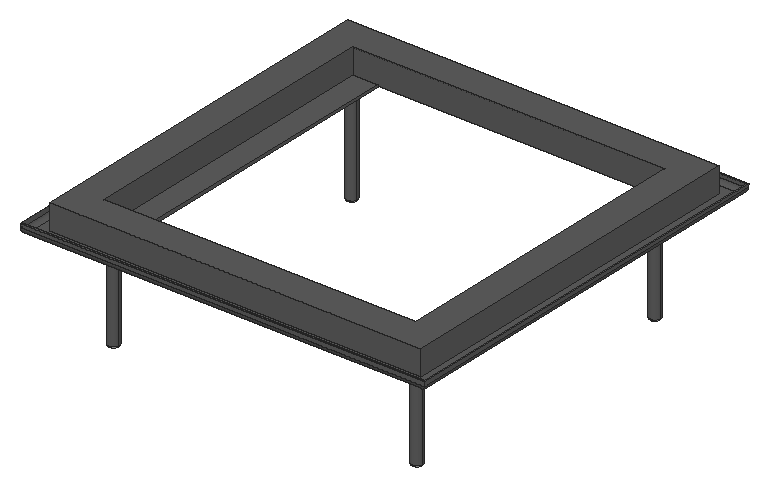
Revit family "FU_Modular_Sandler_Escala_Frames", category Furniture, Revit 2020
Family settings
  OmniClass Number = 23.40.20.00
  OmniClass Title = General Furniture and Specialties
  Work Plane-Based = No
  Always vertical = Yes
  Cut with Voids When Loaded = No
  Shared = No
  Room Calculation Point = No
Parameters (values of type "ESCALAS 0010")
  Width = 800 mm
  URL = "https://www.sandlerseating.com/product/esc0010/"
  Model = "ESCALAS 0010"
  Manufacturer = "Sandler"
  IsVisible = no
  Height = 260 mm
  Frame Finish [instance] = M1_B00 - Black
  Description = "Epoxy coated frame for Sofa – 80x80cm"
  Depth = 800 mm
  Default Elevation = 0 mm
Types (8, lengths in mm): name | Width | URL | Model | IsVisible | Description
  ESCALAS 0025 | 2000 | "https://www.sandlerseating.com/product/esc0025/" | "ESCALAS 0025" | no | "Epoxy coated frame for Sofa – 200x80cm"
  ESCALAS 0020 | 1600 | "https://www.sandlerseating.com/product/esc0020/" | "ESCALAS 0020" | no | "Epoxy coated frame for Sofa – 160x80cm"
  ESCALAS 0010 | 800 | "https://www.sandlerseating.com/product/esc0010/" | "ESCALAS 0010" | no | "Epoxy coated frame for Sofa – 80x80cm"
  ESCALAS 0015 | 1200 | "https://www.sandlerseating.com/product/esc0015/" | "ESCALAS 0015" | no | "Epoxy coated frame for Sofa – 120x80cm"
  ESCALAS 0030 | 2400 | "https://www.sandlerseating.com/product/esc0030/" | "ESCALAS 0030" | no | "Epoxy coated frame for Sofa – 240x80cm"
  ESCALAS 0035 | 2800 | "https://www.sandlerseating.com/product/esc0035/" | "ESCALAS 0035" | no | "Epoxy coated frame for Sofa – 280x80cm"
  ESCALAS 0040 | 3200 | "https://www.sandlerseating.com/product/esc0040/" | "ESCALAS 0040" | yes | "Epoxy coated frame for Sofa – 320x80cm"
  ESCALAS 0045 | 3600 | "https://www.sandlerseating.com/product/esc0045/" | "ESCALAS 0045" | yes | "Epoxy coated frame for Sofa – 360x80cm"
Reference planes
  plane 1 "Center (Front/Back)": y = 0
  plane 2: z = 0
  plane 3 "Center (Left/Right)": x = 0
  plane 4: z = 260
  plane 5 "Right": x = -400
  plane 6 "Left": x = 400
  plane 7 "Front": y = -400
  plane 8 "Back": y = 400
  plane 9 "Center Front Right Leg": x = -300
  plane 10 "Center Front Left Leg": x = 300
  plane 11 "Center Right Back Leg": y = 294
  plane 12 "Center Right Front Leg": y = -294
  plane 13 "Leg Base": z = 3
  plane 14 "Frame Base": z = 210
  plane 15 "cross support base": z = 204
  plane 16 "Cross Support Outer Right": x = -340
  plane 17 "Cross Support Inner Right": x = -260
  plane 18 "Cross Support Outer Left": x = 340
  plane 19 "Cross Support Inner Left": x = 260
  plane 20 "Main Frame Outer Right": x = -367.5
  plane 21 "Main Frame Inner Right": x = -308
  plane 22 "Main Frame Outer Back": y = 368
  plane 23 "Main Frame Inner Back": y = 308
  plane 24 "Main Frame Outer Front": y = -368
  plane 25 "Main Frame Inner front": y = -308
  plane 26 "Main Frame Outer left": x = 367.5
  plane 27 "Main Frame Inner Left": x = 308
Forms (mm)
  Extrusion 1, solid, material "M1_B00 - Black" <- "Frame Finish"
    sketch origin (0, 0, 204) x (0, -1, 0) y (1, 0, 0)
      loop
        line (352.536, -340) -> (352.536, -260) -> (-351, -260) -> (-351, -340) -> (352.536, -340)
    from 0 to 6
  Extrusion 2, solid, material "M1_B00 - Black" <- "Frame Finish"
    sketch origin (0, 0, 204) x (0, -1, 0) y (1, 0, 0)
      loop
        line (352.536, 340) -> (-351, 340) -> (-351, 260) -> (352.536, 260) -> (352.536, 340)
    from 0 to 6
  Extrusion 3, solid, material "M1_B00 - Black" <- "Frame Finish"
    sketch origin (0, 0, 210) x (-1, 0, 0) y (0, -1, 0)
      loop
        line (367.5, -368) -> (367.5, 368) -> (-367.5, 368) -> (-367.5, -368) -> (367.5, -368)
      loop
        line (308, -308) -> (308, 308) -> (-308, 308) -> (-308, -308) -> (308, -308)
    from 0 to 50
  Sweep 4, solid, material "M1_B00 - Black" <- "Frame Finish"
    path in 3D
      loop
        line (-367.5, -368, 210) -> (-367.5, 368, 210) -> (367.5, 368, 210) -> (367.5, -368, 210) -> (-367.5, -368, 210)
    profile "Pro_Escalas_Frame Lip : Pro_Escalas_Frame Lip" origin (0, -368, 210) x (0, 1, 0) y (0, 0, -1)
      loop
        line (-32.005, -16) -> (-30.026, -16) -> (-30.026, -8.524)
        arc (-30.026, -8.524) -> (-27.53, -2.497) -> (-21.503, 0) r 8.524
        line (-21.503, 0) -> (59.977, 0) -> (59.977, 1.97) -> (-22.005, 1.97)
        arc (-22.005, 1.97) -> (-29.076, -0.959) -> (-32.005, -8.03) r 10
        line (-32.005, -8.03) -> (-32.005, -16)
  Extrusion 5, solid, material "M1_B00 - Black" <- "Frame Finish"
    sketch origin (0, 0, 3) x (-1, 0, 0) y (0, -1, 0)
      loop
        circle (300, 294) r 11
    from 0 to 207
  Extrusion 6, solid, material "M1_B00 - Black" <- "Frame Finish"
    sketch origin (0, 0, 3) x (1, 0, 0) y (0, 1, 0)
      loop
        circle (300, -294) r 11
    from 0 to 207
  Extrusion 7, solid, material "M1_B00 - Black" <- "Frame Finish"
    sketch origin (0, 0, 3) x (1, 0, 0) y (0, 1, 0)
      loop
        circle (300, 294) r 11
    from 0 to 207
  Extrusion 8, solid, material "M1_B00 - Black" <- "Frame Finish"
    sketch origin (0, 0, 3) x (-1, 0, 0) y (0, -1, 0)
      loop
        circle (300, -294) r 11
    from 0 to 207
  Extrusion 9, solid, material "Rubber, Black"
    sketch origin (0, 0, 0) x (1, 0, 0) y (0, 1, 0)
      loop
        circle (300, 294) r 9.5
    from 0 to 6
  Extrusion 10, solid, material "Rubber, Black"
    sketch origin (0, 0, 0) x (1, 0, 0) y (0, 1, 0)
      loop
        circle (300, -294) r 9.5
    from 0 to 6
  Extrusion 11, solid, material "Rubber, Black"
    sketch origin (0, 0, 0) x (-1, 0, 0) y (0, -1, 0)
      loop
        circle (300, 294) r 9.5
    from 0 to 6
  Extrusion 12, solid, material "Rubber, Black"
    sketch origin (0, 0, 0) x (-1, 0, 0) y (0, -1, 0)
      loop
        circle (300, -294) r 9.5
    from 0 to 6
  Extrusion 13, solid, material "M1_B00 - Black" <- "Frame Finish", visible <- "IsVisible"
    sketch origin (900, 0, 204) x (0, -1, 0) y (1, 0, 0)
      loop
        line (352.536, -940) -> (352.536, -860) -> (-351, -860) -> (-351, -940) -> (352.536, -940)
    from 0 to 6
  Extrusion 14, solid, material "M1_B00 - Black" <- "Frame Finish", visible <- "IsVisible"
    sketch origin (900, 0, 3) x (-1, 0, 0) y (0, -1, 0)
      loop
        circle (900, 294) r 11
    from 0 to 207
  Extrusion 15, solid, material "M1_B00 - Black" <- "Frame Finish", visible <- "IsVisible"
    sketch origin (900, 0, 3) x (-1, 0, 0) y (0, -1, 0)
      loop
        circle (900, -294) r 11
    from 0 to 207
  Extrusion 16, solid, material "Rubber, Black", visible <- "IsVisible"
    sketch origin (900, 0, 0) x (-1, 0, 0) y (0, -1, 0)
      loop
        circle (900, 294) r 9.5
    from 0 to 6
  Extrusion 17, solid, material "Rubber, Black", visible <- "IsVisible"
    sketch origin (900, 0, 0) x (-1, 0, 0) y (0, -1, 0)
      loop
        circle (900, -294) r 9.5
    from 0 to 6
  Extrusion 18, solid, material "M1_B00 - Black" <- "Frame Finish", not visible
    sketch origin (900, 0, 204) x (0, -1, 0) y (1, 0, 0)
      loop
        line (352.536, -940) -> (352.536, -860) -> (-351, -860) -> (-351, -940) -> (352.536, -940)
    from 0 to 6
  Extrusion 19, solid, material "M1_B00 - Black" <- "Frame Finish", not visible
    sketch origin (900, 0, 3) x (-1, 0, 0) y (0, -1, 0)
      loop
        circle (900, 294) r 11
    from 0 to 207
  Extrusion 20, solid, material "M1_B00 - Black" <- "Frame Finish", not visible
    sketch origin (900, 0, 3) x (-1, 0, 0) y (0, -1, 0)
      loop
        circle (900, -294) r 11
    from 0 to 207
  Extrusion 21, solid, material "Rubber, Black", not visible
    sketch origin (900, 0, 0) x (-1, 0, 0) y (0, -1, 0)
      loop
        circle (900, 294) r 9.5
    from 0 to 6
  Extrusion 22, solid, material "Rubber, Black", not visible
    sketch origin (900, 0, 0) x (-1, 0, 0) y (0, -1, 0)
      loop
        circle (900, -294) r 9.5
    from 0 to 6
Cuts and joins
  joined: Extrusion 1, Extrusion 2, Extrusion 3, Sweep 4, Extrusion 5, Extrusion 6, Extrusion 7, Extrusion 8
  joined: Extrusion 13, Extrusion 14, Extrusion 15
Lines and regions (mm)
  sketch lines
    curve 1: line (367.5, -368, 210) -> (-367.5, -368, 210)
    curve 2: line (367.5, 368, 210) -> (367.5, -368, 210)
    curve 3: line (-367.5, 368, 210) -> (367.5, 368, 210)
    curve 4: line (-367.5, -368, 210) -> (-367.5, 368, 210)
Dimensions and locks
  "Height": plane 4 to plane 2
  equal spacing: plane 8 "Back", plane 1 "Center (Front/Back)", plane 7 "Front"
  "Depth": plane 8 "Back" to plane 7 "Front"
  equal spacing: plane 5 "Right", plane 3 "Center (Left/Right)", plane 6 "Left"
  "Width": plane 5 "Right" to plane 6 "Left"
  equal spacing: plane 10 "Center Front Left Leg", plane 3 "Center (Left/Right)", plane 9 "Center Front Right Leg"
  equal spacing: plane 12 "Center Right Front Leg", plane 1 "Center (Front/Back)", plane 11 "Center Right Back Leg"
  plane 5 "Right" to plane 20 "Main Frame Outer Right" to plane 21 "Main Frame Inner Right" = 32.5 mm locked, 59.5 mm locked
  plane 8 "Back" to plane 22 "Main Frame Outer Back" to plane 23 "Main Frame Inner Back" = 32 mm locked, 60 mm locked
  plane 5 "Right" to plane 16 "Cross Support Outer Right" to plane 17 "Cross Support Inner Right" = 60 mm locked, 80 mm locked
  locked: plane 8 "Back" to plane 11 "Center Right Back Leg" at 106
  locked: plane 5 "Right" to plane 9 "Center Front Right Leg" at 100
  plane 27 "Main Frame Inner Left" to plane 26 "Main Frame Outer left" to plane 6 "Left" = 59.5 mm locked, 32.5 mm locked
  plane 25 "Main Frame Inner front" to plane 24 "Main Frame Outer Front" to plane 7 "Front" = 60 mm locked, 32 mm locked
  plane 19 "Cross Support Inner Left" to plane 18 "Cross Support Outer Left" to plane 6 "Left" = 80 mm locked, 60 mm locked
  plane 12 "Center Right Front Leg" to plane 7 "Front" = 106 mm
  plane 10 "Center Front Left Leg" to plane 6 "Left" = 100 mm
  aligned and locked: level to plane 2
  aligned and locked: plane 16 "Cross Support Outer Right" to Extrusion 1 sketch curve
  aligned and locked: Extrusion 1 sketch curve to plane 17 "Cross Support Inner Right"
  aligned and locked: plane 22 "Main Frame Outer Back" to Extrusion 3 sketch curve
  aligned and locked: Extrusion 3 sketch curve to plane 20 "Main Frame Outer Right"
  aligned and locked: plane 24 "Main Frame Outer Front" to Extrusion 3 sketch curve
  aligned and locked: Extrusion 3 sketch curve to plane 26 "Main Frame Outer left"
  aligned and locked: plane 23 "Main Frame Inner Back" to Extrusion 3 sketch curve
  aligned and locked: Extrusion 3 sketch curve to plane 21 "Main Frame Inner Right"
  aligned and locked: plane 25 "Main Frame Inner front" to Extrusion 3 sketch curve
  aligned and locked: Extrusion 3 sketch curve to plane 27 "Main Frame Inner Left"
  aligned and locked: plane 15 "cross support base" to Extrusion 1
  aligned and locked: plane 14 "Frame Base" to Extrusion 1
  aligned and locked: plane 15 "cross support base" to Extrusion 2
  aligned and locked: plane 14 "Frame Base" to Extrusion 2
  aligned and locked: Extrusion 3 to plane 14 "Frame Base"
  aligned and locked: plane 4 to Extrusion 3
  aligned and locked: Extrusion 5 to plane 13 "Leg Base"
  aligned and locked: plane 14 "Frame Base" to Extrusion 5
  aligned and locked: Extrusion 9 to level
Automatic sketch dimensions
  plane 22 "Main Frame Outer Back" to Extrusion 1 sketch curve = 17 mm
  plane 24 "Main Frame Outer Front" to Extrusion 1 sketch curve = 15.464 mm
  Extrusion 2 sketch curve to plane 18 "Cross Support Outer Left" = 0 mm
  Extrusion 2 sketch curve to plane 19 "Cross Support Inner Left" = 0 mm
  Extrusion 2 sketch curve to plane 22 "Main Frame Outer Back" = 17 mm
  Extrusion 2 sketch curve to plane 24 "Main Frame Outer Front" = 15.464 mm
  Extrusion 5 sketch curve to plane 9 "Center Front Right Leg" = 0 mm
  plane 12 "Center Right Front Leg" to Extrusion 5 sketch curve = 0 mm
  Extrusion 6 sketch curve to plane 10 "Center Front Left Leg" = 0 mm
  plane 12 "Center Right Front Leg" to Extrusion 6 sketch curve = 0 mm
  Extrusion 7 sketch curve to plane 10 "Center Front Left Leg" = 0 mm
  Extrusion 7 sketch curve to plane 11 "Center Right Back Leg" = 0 mm
  Extrusion 8 sketch curve to plane 9 "Center Front Right Leg" = 0 mm
  Extrusion 8 sketch curve to plane 11 "Center Right Back Leg" = 0 mm
  Extrusion 9 sketch curve to plane 10 "Center Front Left Leg" = 0 mm
  Extrusion 9 sketch curve to plane 11 "Center Right Back Leg" = 0 mm
  Extrusion 10 sketch curve to plane 10 "Center Front Left Leg" = 0 mm
  plane 12 "Center Right Front Leg" to Extrusion 10 sketch curve = 0 mm
  Extrusion 11 sketch curve to plane 9 "Center Front Right Leg" = 0 mm
  plane 12 "Center Right Front Leg" to Extrusion 11 sketch curve = 0 mm
  Extrusion 12 sketch curve to plane 9 "Center Front Right Leg" = 0 mm
  Extrusion 12 sketch curve to plane 11 "Center Right Back Leg" = 0 mm
  Extrusion 13 sketch curve to Extrusion 13 sketch curve = 703.536 mm
  Extrusion 13 sketch curve to Extrusion 13 sketch curve = 80 mm
  Extrusion 18 sketch curve to Extrusion 18 sketch curve = 703.536 mm
  Extrusion 18 sketch curve to Extrusion 18 sketch curve = 80 mm
  plane 22 "Main Frame Outer Back" to Extrusion 13 sketch curve = 17 mm
  Extrusion 13 sketch curve to plane 3 "Center (Left/Right)" = 40 mm
  Extrusion 14 sketch curve to plane 3 "Center (Left/Right)" = 0 mm
  plane 12 "Center Right Front Leg" to Extrusion 14 sketch curve = 0 mm
  Extrusion 15 sketch curve to plane 3 "Center (Left/Right)" = 0 mm
  Extrusion 15 sketch curve to plane 11 "Center Right Back Leg" = 0 mm
  Extrusion 16 sketch curve to plane 3 "Center (Left/Right)" = 0 mm
  plane 12 "Center Right Front Leg" to Extrusion 16 sketch curve = 0 mm
  Extrusion 17 sketch curve to plane 3 "Center (Left/Right)" = 0 mm
  Extrusion 17 sketch curve to plane 11 "Center Right Back Leg" = 0 mm
  radius of Extrusion 5 sketch curve = 11 mm
  radius of Extrusion 6 sketch curve = 11 mm
  radius of Extrusion 7 sketch curve = 11 mm
  radius of Extrusion 8 sketch curve = 11 mm
  radius of Extrusion 9 sketch curve = 9.5 mm
  radius of Extrusion 10 sketch curve = 9.5 mm
  radius of Extrusion 11 sketch curve = 9.5 mm
  radius of Extrusion 12 sketch curve = 9.5 mm
  radius of Extrusion 14 sketch curve = 11 mm
  radius of Extrusion 15 sketch curve = 11 mm
  radius of Extrusion 16 sketch curve = 9.5 mm
  radius of Extrusion 17 sketch curve = 9.5 mm
  radius of Extrusion 19 sketch curve = 11 mm
  radius of Extrusion 20 sketch curve = 11 mm
  radius of Extrusion 21 sketch curve = 9.5 mm
  radius of Extrusion 22 sketch curve = 9.5 mm
